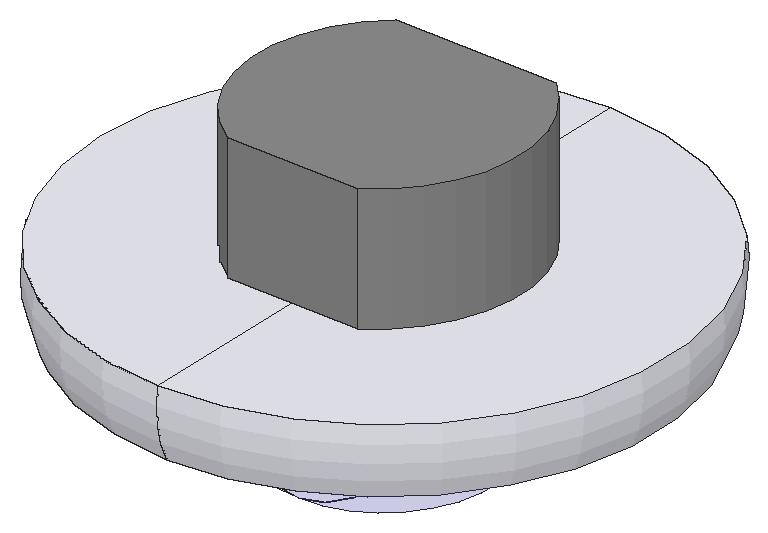
Revit family "BL4 C FP Sans hôte", category Dispositifs d'éclairage, Revit 2019
Family settings
  Conserver l'orientation des annotations = Non
  Cote de connecteur circulaire = Utiliser le diamètre
  Type d'élément = Normal
  Basée sur le plan de construction = Oui
  Toujours verticalement = Oui
  Couper avec des vides une fois chargée = Non
  Partagée = Non
  Point de calcul de pièce = Non
Parameters (values of type "BL4 C FP réf 93284")
  Zone de detection [instance] = no
  URL = "http://www.luxomat.com"
  Type de Sortie = "TOR"
  Température ambiante = "-25°C à +50°C"
  Référence = "93284"
  Relais = "4.3 A"
  Position en hauteur [instance] = 250 cm
  Portée frontale 360° [instance] = 640 cm  # constant formula
  Portée frontale 180° [instance] = 1600 cm  # constant formula
  Portée de biais [instance] = 3200 cm  # constant formula
  Mode de pose = "Faux plafond"
  zone detection 2800 [instance] = Position en hauteur < 280.1 cm  # yes
  Hauteur de montage max préconisée [instance] = Hauteur de montage max  # 280 cm
  Hauteur de montage max = 280 cm
  Etiquette [instance] = yes
  Modèle = "BL4 C FP"
  Marque = "LUXOMAT"
  Image du type = COULOIR.jpg
  IP = "20"
  Fabricant = "B.E.G."
  Default Elevation = 0 cm
  Consommation = "0.30 W"
  Commentaires du type = "DET.MOUV.SPECIAL COULOIR.1 CONTACT.180/360°/2x8M FAUX PLAFOND"
  Code d'assemblage = "D5010200"
  Classe = "II"
  Charge LED = "200 W"
  Charge Cos ɸ =1 = "1000 W"
  Charge Cos ɸ =0.5 = "500 VA"
  Alimentation = "110-240 V AC"
Reference planes (cm)
  plane 1 "Centre (avant/arrière)": y = 0
  plane 2: z = 0
  plane 3 "Centre (gauche/droite)": x = 0
Dimensions and locks (cm)
  aligned and locked: level to plane 2
  aligned and locked: plane 3 "Centre (gauche/droite)" to nested 3
  aligned and locked: plane 1 "Centre (avant/arrière)" to nested 3
  aligned and locked: nested 4 to plane 3 "Centre (gauche/droite)"
  aligned and locked: nested 4 to plane 1 "Centre (avant/arrière)"
Nested families (cm)
  nested 1: "Famille4" at (4.75, -62.2006, 0), visible <- "Etiquette", modèle <- "Modèle", référence <- "Référence", type "Famille4"
    with référence "93284", modèle "BL4 C FP"
  nested 2: "Symbole plafond 2D couloir" at (0, 0, 0), type "Symbole plafond 2D couloir"
  nested 3: "Modèle BL4 FP" at (0, 0, 0), type "Standard"
  nested 4: "Zone BL4 C" at (0, 0, 0), visible <- "Zone de detection", zone 2800 <- "zone detection 2800", type "Zone BL4 C"
    with zone 2800 yes, frontale 360° 640 cm, frontale 180° 1600 cm, biais 3200 cm
Connectors (cm)
  electrical at (0, 0, 0)
    settings: index 1, voltage 230 V, apparent load 0 VA, apparent load phase1 0 VA, apparent load phase2 0 VA, apparent load phase3 0 VA, power factor 1, load classification "Eclairage", number of poles 1, system type 31, power factor state 1, is connector primary yes, connector utility no, sub classification motor no, connector description ""
Definition of nested family "Modèle BL4 FP"
  Parameters (values of type "Standard")
    d98 = 0 cm
    d312 = 0 cm
    d106 = 0 cm
  Reference planes (cm)
    plane 1 "Centre (avant/arrière)": y = 0
    plane 2: z = 0
    plane 3 "Centre (gauche/droite)": x = 0
    plane 4: x = 0
  Forms (cm)
    Revolve 1, solid
      sketch origin (0, 0, 0) x (0, 1, 0) y (0, 0, -1)
        loop
          line (0, 1.7) -> (-3.2, 1.7) -> (-5.001, 1.2983)
          arc (-5.001, 1.2983) -> (-5.2034, 0.6649) -> (-5.2, 0) r 2.1234
          line (-5.2, 0) -> (0, 0) -> (0, 1.7)
        axis (0, 1.7) -> (0, 0)
      angle from 0 to 360
    Revolve 2, solid
      sketch origin (0, 0, -0.9) x (0, 1, 0) y (0, 0, -1)
        loop
          arc (0, 3) -> (-1.9416, 2.3969) -> (-3.2, 0.8) r 3.4273
          line (-3.2, 0.8) -> (0, 0.8) -> (0, 3)
        axis (0, 0.8) -> (0, 3)
      angle from 0 to 360
    Extrusion 3, solid
      sketch origin (0, -4.85, 0.8) x (0, -1, 0) y (1, 0, 0)
        loop
          arc (-2.75, 1.1876) -> (-4.7797, 2.3963) -> (-6.95, 1.4632) r 2.6
          line (-6.95, 1.4632) -> (-6.95, -1.4632)
          arc (-6.95, -1.4632) -> (-4.7797, -2.3963) -> (-2.75, -1.1876) r 2.6
          line (-2.75, -1.1876) -> (-2.75, 1.1876)
      from -0.8 to 1.5
    Revolve 4, solid, not visible
      sketch origin (0, 0, 0) x (0, -1, 0) y (0, 0, 1)
        loop
          line (0, 1.7) -> (-3.2, 1.7) -> (-5.001, 1.2983)
          arc (-5.001, 1.2983) -> (-5.2034, 0.6649) -> (-5.2, 0) r 2.1234
          line (-5.2, 0) -> (0, 0) -> (0, 1.7)
        axis (0, 1.7) -> (0, 0)
      angle from 0 to 360
    Revolve 5, solid, not visible
      sketch origin (0, 0, 0.9) x (0, -1, 0) y (0, 0, 1)
        loop
          arc (0, 3) -> (-1.9416, 2.3969) -> (-3.2, 0.8) r 3.4273
          line (-3.2, 0.8) -> (0, 0.8) -> (0, 3)
        axis (0, 0.8) -> (0, 3)
      angle from 0 to 360
    Extrusion 6, solid, not visible
      sketch origin (0, 4.85, -0.8) x (1, 0, 0) y (0, -1, 0)
        loop
          arc (1.1876, 2.75) -> (2.3963, 4.7797) -> (1.4632, 6.95) r 2.6
          line (1.4632, 6.95) -> (-1.4632, 6.95)
          arc (-1.4632, 6.95) -> (-2.3963, 4.7797) -> (-1.1876, 2.75) r 2.6
          line (-1.1876, 2.75) -> (1.1876, 2.75)
      from -0.8 to 1.5
  Lines and regions (cm)
    reference lines
      curve 1: line (0, 0, 0) -> (0, -4.85, 0)
      curve 2: line (0, 0, -3) -> (0, 0, -0.8)
      curve 3: circle (0, 0, 0) r 3.2 normal (0, 0, 1)
      curve 4: line (0.1, -2.1, 4.6) -> (-0.7, -2.1, 4.6)
    reference lines, not visible
      curve 5: line (0, 0, 0) -> (0, 4.85, 0)
      curve 6: line (0, 0, 3) -> (0, 0, 0.8)
      curve 7: circle (0, 0, 0) r 3.2 normal (0, 0, -1)
      curve 8: line (0.1, 2.1, -4.6) -> (-0.7, 2.1, -4.6)
  Dimensions and locks (cm)
    aligned and locked: level to plane 2
    aligned and locked: Revolve 1 sketch curve to curve 1
    aligned and locked: Revolve 2 sketch curve to curve 2
    aligned and locked: Revolve 4 sketch curve to curve 5
    aligned and locked: Revolve 5 sketch curve to curve 6
Definition of nested family "Famille4"
  Parameters (values of type "Famille4")
    référence [instance] = ""
    modèle [instance] = ""
  Reference planes (cm)
    plane 1: y = 0
    plane 2: x = 0
  Text (cm)
    label "référence\nmodèle" at (-0.0547, 0.0091, 0), shows "référence", "modèle"
Definition of nested family "Symbole plafond 2D couloir"
  Reference planes (cm)
    plane 1: y = 0
    plane 2: x = 0
  Lines and regions (cm)
    Filled region 1, type "rouge"
      outline origin (0, 0, 0) x (1, 0, 0) y (0, 1, 0)
        loop
          circle (0, 0) r 0.0294
    detail lines
      curve 1: arc (-0.0294, 0, 0) -> (0, -0.0294, 0) -> (0.0294, 0, 0) r 0.0294
      curve 2: arc (0.0294, 0, 0) -> (0, 0.0294, 0) -> (-0.0294, 0, 0) r 0.0294
      curve 3: arc (-0.1768, 0.102, 0) -> (-0.2041, 0, 0) -> (-0.1768, -0.102, 0) r 0.204
      curve 4: arc (0.1766, -0.102, 0) -> (0.2039, 0, 0) -> (0.1766, 0.102, 0) r 0.204
      curve 5: arc (-0.1404, 0.081, 0) -> (-0.1621, 0, 0) -> (-0.1404, -0.081, 0) r 0.162
      curve 6: arc (0.1402, -0.081, 0) -> (0.1619, 0, 0) -> (0.1402, 0.081, 0) r 0.162
      curve 7: arc (-0.104, 0.06, 0) -> (-0.1201, 0, 0) -> (-0.104, -0.06, 0) r 0.12
      curve 8: arc (0.1038, -0.06, 0) -> (0.1199, 0, 0) -> (0.1038, 0.06, 0) r 0.12
Definition of nested family "Zone BL4 C"
  Parameters (values of type "Zone BL4 C")
    zone 2800 [instance] = yes
    frontale 360° [instance] = 640 cm
    frontale 180° [instance] = 1600 cm
    biais [instance] = 3200 cm
  Reference planes (cm)
    plane 1 "Centre (avant/arrière)": y = 0
    plane 2: z = 0
    plane 3 "Centre (gauche/droite)": x = 0
    plane 4: x = 800
    plane 5: x = -800
    plane 6: y = 150
    plane 7: y = -150
    plane 8 "Centre (avant/arrière)": y = 0
    plane 9 "Centre (gauche/droite)": x = 0
    plane 10 "Centre (avant/arrière)": y = 0
    plane 11 "Centre (gauche/droite)": x = 0
  Lines and regions (cm)
    detail lines, in view "Niveau de réf.", visible <- "zone 2800"
      curve 1: line (628.4735, 0, 0) -> (545.5285, 0, 0)
      curve 2: line (545.5285, 0, 0) -> (573.8969, -22.1638, 0)
      curve 3: line (545.5285, 0, 0) -> (573.8969, 22.1638, 0)
      curve 4: line (0, -303.6554, 0) -> (0, -220.7104, 0)
      curve 5: line (0, -220.7104, 0) -> (-22.1638, -249.0788, 0)
      curve 6: line (0, -220.7104, 0) -> (22.1638, -249.0788, 0)
      curve 13: arc (-282.6659, 150, 0) -> (0, 320, 0) -> (282.6659, 150, 0) r 320
      curve 14: arc (-282.6659, -150, 0) -> (0, -320, 0) -> (282.6659, -150, 0) r 320
      curve 15: spline (282.6659, 150, 0) -> (416.5618, 144.8889, 0) -> (541.3329, 129.9038, 0) -> (648.4763, 106.066, 0) -> (730.6904, 75, 0) -> (782.3723, 38.8229, 0) -> (800, 0, 0) -> (782.3723, -38.8229, 0) -> (730.6904, -75, 0) -> (648.4763, -106.066, 0) -> (541.3329, -129.9038, 0) -> (416.5618, -144.8889, 0) -> (282.6659, -150, 0)
      curve 16: spline (-282.6659, 150, 0) -> (-416.5618, 144.8889, 0) -> (-541.3329, 129.9038, 0) -> (-648.4763, 106.066, 0) -> (-730.6904, 75, 0) -> (-782.3723, 38.8229, 0) -> (-800, 0, 0) -> (-782.3723, -38.8229, 0) -> (-730.6904, -75, 0) -> (-648.4763, -106.066, 0) -> (-541.3329, -129.9038, 0) -> (-416.5618, -144.8889, 0) -> (-282.6659, -150, 0)
    detail lines, in view "Niveau de réf.", visible <- "zone 2800", not visible
      curve 7: line (628.0656, -64.277, 0) -> (628.0656, 18.6681, 0)
      curve 8: line (628.0656, 18.6681, 0) -> (605.9018, -9.7003, 0)
      curve 9: line (628.0656, 18.6681, 0) -> (650.2294, -9.7003, 0)
      curve 10: line (628.0656, -64.277, 0) -> (628.0656, 18.6681, 0)
      curve 11: line (628.0656, 18.6681, 0) -> (605.9018, -9.7003, 0)
      curve 12: line (628.0656, 18.6681, 0) -> (650.2294, -9.7003, 0)
  Dimensions and locks (cm)
    aligned and locked: curve 4 to plane 11 "Centre (gauche/droite)"
    aligned and locked: curve 1 to plane 10 "Centre (avant/arrière)"
